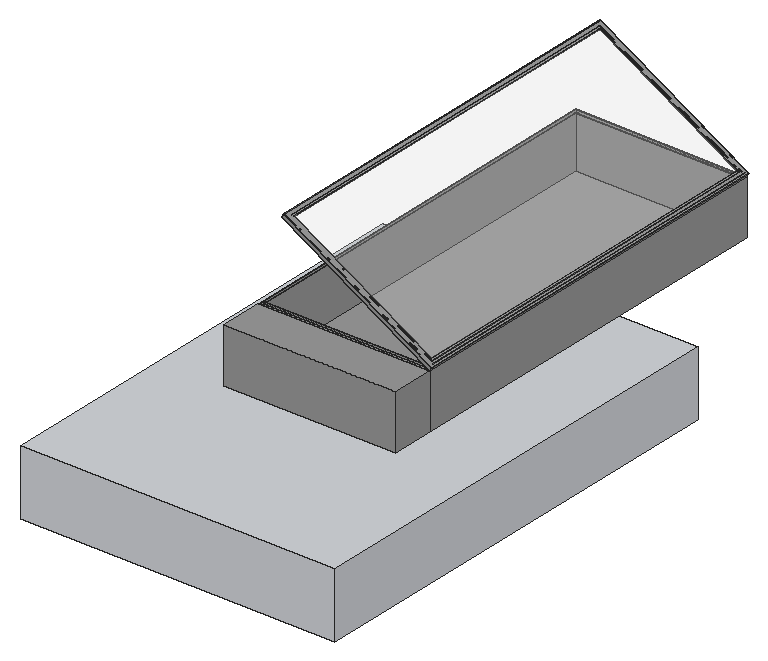
Revit family "Hager-Univers-IP55-D275-H2050-Cl.I-Steel_encl-NoHosted-DE-de", category Equipement électrique, Revit 2020
Family settings
  Hôte = Face
  Configuration du panneau = Deux colonnes, circuits au sein
  Cote de connecteur circulaire = Utiliser le diamètre
  Type d'élément = Tableau de raccordement
  Couper avec des vides une fois chargée = Non
  Partagée = Non
  Point de calcul de pièce = Non
Parameters (values of type "Bodenaufstellung IP55 B800 H2050 T275  - FR23K2")
  Width Control [instance] = if([EF000008 - Breite] > Min Width, [EF000008 - Breite], Min Width)  # 800 mm
  Commentaires du type = [HG000003 - Bereich]  # "Univers"
  Thickness Door [instance] = if([EF009171 - Materialstärke Tür/Deckel] > 3 mm, 3 mm, [EF009171 - Materialstärke Tür/Deckel])  # 1.5 mm
  Seal Frame Offset [instance] = 17 mm  # constant formula
  Plinth Visibility [instance] = [HG000027 - Sockelhöhe] > 0 mm  # yes
  Model = ""
  Min Width [instance] = 100 mm  # constant formula
  Min Height [instance] = 100 mm  # constant formula
  Min Depth [instance] = (2 * [EF009170 - Materialstärke Gehäuse]) + 1 mm  # 4 mm
  Internal Frame Depth [instance] = (Door System Depth * 0.5)  # 9 mm
  Height Control [instance] = if([EF000040 - Höhe] > Min Height, [EF000040 - Höhe], Min Height)  # 2050 mm
  HG000027 - Sockelhöhe = 200 mm
  HG000026 - Stehend auf dem Boden = yes
  HG000024 - Höhe des unteren Teils = 800 mm
  HG000023 - Gehäuse mit doppeltem Querschnitt = no
  HG000016 - 3D-Türsichtbarkeit [instance] = yes
  HG000015 - Sichtbarkeit der Türöffnung [instance] = no
  HG000014 - Tür rechts [instance] = yes
  HG000013 - Tür links [instance] = not([HG000014 - Tür rechts])  # no
  HG000012 - Türschwenkwinkel [instance] = 30.00°
  HG000010 - Asymmetrische Türen = no
  HG000009 - Doppelflügeligen Tür = no
  HG000006 - Unterputz = no
  HG000004 - Herstellerreferenz = "FR23K2"
  HG000003 - Bereich = "Univers"
  HG000002 - Mit tür = yes
  Frame Offset Bottom [instance] = 10 mm  # constant formula
  Frame Offset [instance] = 15 mm  # constant formula
  EF015940 - Deckel mit Überdruckentlastung = no
  EF011959 - Schutzart (NEMA) = ""
  EF009554 - Anzahl der Öffnungen für Flanschplatten = 6
  Fabricant = "Hager"  # constant formula
  EF009212 - Ausführung Deckel = "EV000116 - geschlossen"
  EF009171 - Materialstärke Tür/Deckel = 1.5 mm
  EF009170 - Materialstärke Gehäuse = 1.5 mm
  EF008873 - Nennstrom (In) = 800 A
  EF007800 - Geeignet für Blitzschutz = no
  EF006306 - Mit Schloss = no
  EF006244 - Transparenter Deckel/Tür = yes
  EF005474 - Schutzart (IP) = "EV006420 - IP55"
  EF004464 - Art der Tür = "EV002646 - Einzel"
  EF004427 - Anzahl der Module = 432
  EF004293 - Schlagfestigkeit = "EV008784 - IK10"
  EF003532 - Geeignet für Außengebrauch = no
  EF002950 - Breite in Teilungseinheiten = 24
  EF001613 - Funktionserhalt = "EV000494 - ohne"
  EF001596 - Werkstoff des Gehäuses = "EV000179 - Stahl"
  EF001131 - Innentiefe = 275 mm
  EF001088 - Anbaumöglichkeit = yes
  EF000437 - Anzahl der Leitungseinführungen = 6
  EF000339 - Art der Abdeckung = "EV004216 - Tür"
  EF000266 - Anzahl der Reihen = 12
  EF000218 - Einbautiefe = 0 mm
  EF000118 - Mit Montageplatte = no
  EF000116 - RAL-Nummer = "7035"
  EF000049 - Tiefe = 275 mm
  EF000040 - Höhe = 2050 mm
  EF000008 - Breite = 800 mm
  EF000007 - Farbe = "EV000270 - grau"
  EF000003 - Montageart = "EV012274 - Bodenaufstellung"
  Door System Leaf Tolerance [instance] = 1.5 mm  # constant formula
  Door System Depth [instance] = 18 mm  # constant formula
  Door Height [instance] = Height Control - [HG000027 - Sockelhöhe]  # 1850 mm
  Depth Control [instance] = if([EF000049 - Tiefe] > Min Depth, [EF000049 - Tiefe], Min Depth)  # 275 mm
  Default Elevation = 0 mm
  Connector Offset [instance] = Height Control / 2  # 1025 mm
  Bottom Top Plate Trim [instance] = 1.5 mm  # constant formula
  Plinth height Ctrl [instance] = if([HG000027 - Sockelhöhe] > 0 mm, [HG000027 - Sockelhöhe], 12 mm)  # 200 mm
Types (11, lengths in mm): name | Width Control | HG000010 - Asymmetrische Türen | HG000009 - Doppelflügeligen Tür | HG000004 - Herstellerreferenz | EF009554 - Anzahl der Öffnungen für Flanschplatten | EF006244 - Transparenter Deckel/Tür | EF004464 - Art der Tür | EF004427 - Anzahl der Module | EF000437 - Anzahl der Leitungseinführungen | EF000008 - Breite
  Bodenaufstellung IP55 B1050 H2050 T275  - FR24E2 | 1050 | yes | yes | "FR24E2" | 8 | no | "EV003602 - Doppel" | 576 | 8 | 1050
  Bodenaufstellung IP55 B1050 H2050 T275  - FR24K2 | 1050 | yes | yes | "FR24K2" | 8 | yes | "EV003602 - Doppel" | 576 | 8 | 1050
  Bodenaufstellung IP55 B1300 H2050 T275  - FR25E2 | 1300 | yes | yes | "FR25E2" | 10 | no | "EV003602 - Doppel" | 720 | 10 | 1300
  Bodenaufstellung IP55 B1300 H2050 T275  - FR25K2 | 1300 | yes | yes | "FR25K2" | 10 | yes | "EV003602 - Doppel" | 720 | 10 | 1300
  Bodenaufstellung IP55 B1550 H2050 T275  - FR26E2 | 1550 | yes | yes | "FR26E2" | 12 | no | "EV003602 - Doppel" | 864 | 12 | 1550
  Bodenaufstellung IP55 B1550 H2050 T275  - FR26K2 | 1550 | yes | yes | "FR26K2" | 12 | yes | "EV003602 - Doppel" | 864 | 12 | 1550
  Bodenaufstellung IP55 B300 H2050 T275  - FR21E2 | 300 | no | no | "FR21E2" | 2 | no | "EV002646 - Einzel" | 144 | 2 | 300
  Bodenaufstellung IP55 B550 H2050 T275  - FR22E2 | 550 | no | no | "FR22E2" | 4 | no | "EV002646 - Einzel" | 288 | 4 | 550
  Bodenaufstellung IP55 B550 H2050 T275  - FR22K2 | 550 | no | no | "FR22K2" | 4 | yes | "EV002646 - Einzel" | 288 | 4 | 550
  Bodenaufstellung IP55 B800 H2050 T275  - FR23E2 | 800 | no | no | "FR23E2" | 6 | no | "EV002646 - Einzel" | 432 | 6 | 800
  Bodenaufstellung IP55 B800 H2050 T275  - FR23K2 | 800 | no | no | "FR23K2" | 6 | yes | "EV002646 - Einzel" | 432 | 6 | 800
Reference planes
  plane 1 "Center (Front/Back)": y = 0
  plane 2: z = 0
  plane 3 "Center (Left/Right)": x = 0
  plane 4: z = 275
  plane 5: y = 201.5
  plane 6: y = 1125
  plane 7: y = 200
  plane 8: y = 2050
  plane 9: z = 0
  plane 10: x = -385
  plane 11: x = 385
  plane 12: x = 383.5
  plane 13: x = -383.5
  plane 14: y = 2048.5
  plane 15: x = -383
  plane 16: x = -400
  plane 17: x = 383
  plane 18: x = 400
  plane 19: x = 398.5
  plane 20: x = -398.5
  plane 21: y = 211.5
  plane 22: y = 2050
  plane 23: y = 2033.5
  plane 24: z = 257
  plane 25: z = 1.5
  plane 26: z = 255.5
  plane 27: z = 273.5
Forms (mm)
  Extrusion 1, solid
    sketch origin (0, 0, 0) x (1, 0, 0) y (0, 1, 0)
      loop
        line (-702.964, 1305) -> (-702.964, -811.445) -> (766.763, -811.445) -> (766.763, 1305) -> (-702.964, 1305)
    from 0 to -304.8
  Extrusion 2, solid, material "Hager_Steel_RAL7035_Light_Grey", visible <- "Plinth Visibility", detail levels medium+fine
    sketch origin (0, 0, 0) x (1, 0, 0) y (0, 1, 0)
      loop
        line (-400, 0) -> (400, 0) -> (400, 200) -> (-400, 200) -> (-400, 0)
    from 0 to 257
  Extrusion 3, solid, material "Hager_Steel_RAL7035_Light_Grey", detail levels medium+fine
    sketch origin (0, 0, 0) x (1, 0, 0) y (0, 1, 0)
      loop
        line (-400, 200) -> (400, 200) -> (400, 2050) -> (-400, 2050) -> (-400, 200)
    from 0 to 257
  Extrusion 4, void
    sketch origin (0, 0, 0) x (1, 0, 0) y (0, 1, 0)
      loop
        line (-398.5, 201.5) -> (398.5, 201.5) -> (398.5, 2048.5) -> (-398.5, 2048.5) -> (-398.5, 201.5)
    from 1.5 to 255.5
  Extrusion 5, void
    sketch origin (-381.607, -4572, 257) x (0, -1, 0) y (-1, 0, 0)
      loop
        line (-4783.5, 1.893) -> (-6605.5, 1.893) -> (-6605.5, -765.107) -> (-4783.5, -765.107) -> (-4783.5, 1.893)
    from 0 to 1.5 <- "EF009170 - Materialstärke Gehäuse"
  Extrusion 6, solid, material "Hager_Steel_RAL7035_Light_Grey", detail levels fine
    sketch origin (0, 0, 257) x (1, 0, 0) y (0, 1, 0)
      loop
        line (-383.5, 2033.5) -> (-383.5, 211.5) -> (383.5, 211.5) -> (383.5, 2033.5) -> (-383.5, 2033.5)
      loop
        line (-385, 210) -> (385, 210) -> (385, 2035) -> (-385, 2035) -> (-385, 210)
    from 0 to 9 <- "Internal Frame Depth"
  Extrusion 7, solid, material "Hager_Steel_RAL7035_Light_Grey", detail levels coarse
    sketch origin (0, 0, 0) x (1, 0, 0) y (0, 1, 0)
      loop
        line (-400, 0) -> (400, 0) -> (400, 2050) -> (-400, 2050) -> (-400, 0)
    from 0 to 275
  Sweep 8, void
    path in 3D
      loop
        line (-400, 200, 0) -> (400, 200, 0) -> (400, 200, 257) -> (-400, 200, 257) -> (-400, 200, 0)
    profile origin (-400, 200, 128.5) x (-1, 0, 0) y (0, -1, 0)
      loop
        line (0, 0) -> (0, 1.5) -> (-1.5, 1.5)
        arc (-1.5, 1.5) -> (-1.061, 0.439) -> (0, 0) r 1.5
Cuts and joins
  Extrusion 4, Extrusion 5 cuts Extrusion 3
  Sweep 8 cuts Extrusion 2
Lines and regions (mm)
  Masking region 1
    outline origin (0, 0, 0) x (1, 0, 0) y (0, 0, 1)
      loop
        line (-400, 275) -> (-400, 0) -> (400, 0) -> (400, 275) -> (-400, 275)
  Masking region 2, detail levels medium+fine
    outline origin (0, 140, 0) x (0, 1, 0) y (0, 0, 1)
      loop
        line (60, 0) -> (1910, 0) -> (1910, 257) -> (60, 257) -> (60, 0)
  Masking region 3, not visible, detail levels medium+fine
    outline origin (0, 297.922, 0) x (0, 1, 0) y (0, 0, 1)
      loop
        line (838.578, 0) -> (878.578, 0) -> (878.578, 263.5)
        arc (878.578, 263.5) -> (875.649, 270.571) -> (868.578, 273.5) r 10
        line (868.578, 273.5) -> (838.578, 273.5) -> (838.578, 0)
  Masking region 4, detail levels coarse
    outline origin (0, 0, 180) x (0, 1, 0) y (0, 0, 1)
      loop
        line (0, -180) -> (2050, -180) -> (2050, 95) -> (0, 95) -> (0, -180)
  Masking region 5, visible <- "Plinth Visibility", detail levels medium+fine
    outline origin (0, 52.24, 12.345) x (0, 0, -1) y (0, 1, 0)
      loop
        line (10.845, 147.76) -> (-243.155, 147.76)
        arc (-243.155, 147.76) -> (-243.594, 146.699) -> (-244.655, 146.26) r 1.5
        line (-244.655, 146.26) -> (-244.655, -52.24) -> (12.345, -52.24) -> (12.345, 146.26)
        arc (12.345, 146.26) -> (11.285, 146.699) -> (10.845, 147.76) r 1.5
  Masking region 6, detail levels medium+fine
    outline origin (-381.607, -4572, 257) x (-1, 0, 0) y (0, -1, 0)
      loop
        line (18.393, -6622) -> (18.393, -4772) -> (-781.607, -4772) -> (-781.607, -6622) -> (18.393, -6622)
  Masking region 7, visible <- "Plinth Visibility", detail levels medium+fine
    outline origin (-381.607, -4727, 257) x (-1, 0, 0) y (0, -1, 0)
      loop
        arc (16.893, -4927) -> (17.332, -4925.939) -> (18.393, -4925.5) r 1.5
        line (18.393, -4925.5) -> (18.393, -4727) -> (-781.607, -4727) -> (-781.607, -4925.5)
        arc (-781.607, -4925.5) -> (-780.546, -4925.939) -> (-780.107, -4927) r 1.5
        line (-780.107, -4927) -> (16.893, -4927)
  Masking region 8, detail levels coarse
    outline origin (-442.548, -4669.526, 257) x (-1, 0, 0) y (0, -1, 0)
      loop
        line (-42.548, -6719.526) -> (-42.548, -4669.526) -> (-842.548, -4669.526) -> (-842.548, -6719.526) -> (-42.548, -6719.526)
  sketch lines
    curve 1: line (-400, 200, 257) -> (-400, 200, 0)
    curve 2: line (400, 200, 257) -> (-400, 200, 257)
    curve 3: line (400, 200, 257) -> (400, 200, 0)
    curve 4: line (-400, 200, 0) -> (400, 200, 0)
Dimensions and locks
  "Depth Control": plane 4 to Extrusion 1
  "HG000027 - Sockelhöhe": plane 1 "Center (Front/Back)" to plane 7
  "EF009170 - Materialstärke Gehäuse": plane 5 to plane 7
  locked: connector elem to plane 3 "Center (Left/Right)"
  equal spacing: plane 8, plane 6, plane 7
  locked: connector elem to plane 6
  "EF009170 - Materialstärke Gehäuse": plane 8 to plane 14
  "EF009170 - Materialstärke Gehäuse": plane 10 to plane 13
  "EF009170 - Materialstärke Gehäuse": plane 12 to plane 11
  "Frame Offset": plane 20 to plane 13
  "Frame Offset": plane 12 to plane 19
  "EF009170 - Materialstärke Gehäuse": plane 16 to plane 20
  "EF009170 - Materialstärke Gehäuse": plane 19 to plane 18
  "Seal Frame Offset": plane 16 to plane 15
  "Seal Frame Offset": plane 17 to plane 18
  "Frame Offset Bottom": plane 21 to plane 5
  "Frame Offset": plane 14 to plane 23
  equal spacing: plane 16, plane 3 "Center (Left/Right)", plane 18
  "Width Control": plane 16 to plane 18
  "EF009170 - Materialstärke Gehäuse": plane 4 to plane 27
  "EF009170 - Materialstärke Gehäuse": plane 24 to plane 26
  "EF009170 - Materialstärke Gehäuse": plane 25 to level
  "Door System Depth": plane 4 to plane 24
  "Height Control": plane 1 "Center (Front/Back)" to Extrusion 7 sketch curve
  "Height Control": Masking region 4 sketch curve to plane 1 "Center (Front/Back)"
  "Height Control": plane 1 "Center (Front/Back)" to plane 22
  "Bottom Top Plate Trim": profile plane to Sweep 8 sketch curve
  "Bottom Top Plate Trim": Sweep 8 sketch curve to profile plane
  "Plinth height Ctrl": plane 1 "Center (Front/Back)" to Extrusion 2 sketch curve
  "Plinth height Ctrl": Masking region 5 sketch curve to plane 1 "Center (Front/Back)"
  "Plinth height Ctrl": plane 1 "Center (Front/Back)" to Masking region 7 sketch curve
  "Thickness Door": Extrusion 6 sketch curve to Extrusion 6 sketch curve  (x3)
  "Thickness Door": cut or joined group of Extrusion 3, Extrusion 4, Extrusion 5 to Extrusion 6 sketch curve
  radius of Masking region 3 sketch curve = 10 mm
  "Bottom Top Plate Trim": radius of Masking region 5 sketch curve  (x2)
  "Bottom Top Plate Trim": radius of Sweep 8 sketch curve
  "Bottom Top Plate Trim": radius of Masking region 7 sketch curve  (x2)
  aligned and locked: plane 2 to Extrusion 1
  aligned and locked: level to Extrusion 1
  aligned and locked: level to Masking region 1 sketch curve
  aligned and locked: Masking region 1 sketch curve to plane 18
  aligned and locked: Masking region 1 sketch curve to plane 16
  aligned and locked: plane 7 to Masking region 2 sketch curve
  aligned and locked: level to Masking region 3 sketch curve
  aligned and locked: Masking region 3 sketch curve to plane 27
  aligned and locked: level to Masking region 2 sketch curve
  aligned and locked: plane 1 "Center (Front/Back)" to Extrusion 2 sketch curve
  aligned and locked: Extrusion 3 sketch curve to plane 7
  aligned and locked: plane 16 to Extrusion 3 sketch curve
  aligned and locked: plane 18 to Extrusion 3 sketch curve
  aligned and locked: plane 20 to Extrusion 4 sketch curve
  aligned and locked: plane 19 to Extrusion 4 sketch curve
  aligned and locked: Extrusion 4 sketch curve to plane 5
  aligned and locked: Extrusion 4 to plane 25
  aligned and locked: plane 26 to Extrusion 4
  aligned and locked: plane 24 to Extrusion 3
  aligned and locked: Extrusion 5 sketch curve to plane 21
  aligned and locked: Extrusion 5 sketch curve to plane 13
  aligned and locked: Extrusion 5 sketch curve to plane 12
  aligned and locked: plane 18 to Extrusion 7 sketch curve
  aligned and locked: plane 1 "Center (Front/Back)" to Extrusion 7 sketch curve
  aligned and locked: plane 16 to Extrusion 7 sketch curve
  aligned and locked: plane 4 to Extrusion 7
  aligned and locked: Extrusion 7 to level
  aligned and locked: level to Masking region 4 sketch curve
  aligned and locked: Masking region 4 sketch curve to plane 1 "Center (Front/Back)"
  aligned and locked: Masking region 4 sketch curve to plane 4
  aligned and locked: nested 1 to level
  aligned and locked: nested 1 to plane 16
  aligned and locked: plane 8 to Extrusion 3 sketch curve
  aligned and locked: plane 23 to Extrusion 5 sketch curve
  aligned and locked: plane 14 to Extrusion 4 sketch curve
  aligned and locked: Masking region 2 sketch curve to plane 8
  aligned and locked: level to Masking region 5 sketch curve
  aligned and locked: plane 16 to Extrusion 2 sketch curve
  aligned and locked: plane 18 to Extrusion 2 sketch curve
  aligned and locked: Masking region 5 sketch curve to plane 24
  aligned and locked: Masking region 2 sketch curve to plane 24
  aligned and locked: plane 24 to Extrusion 2
  aligned and locked: profile plane to Sweep 8 sketch curve  (x2)
  aligned and locked: Masking region 6 sketch curve to plane 18
  aligned and locked: Masking region 6 sketch curve to plane 22
  aligned and locked: Masking region 6 sketch curve to plane 16
  aligned and locked: plane 8 to plane 22
  aligned and locked: Masking region 6 sketch curve to plane 7
  aligned and locked: Masking region 7 sketch curve to plane 16
  aligned and locked: Masking region 7 sketch curve to plane 1 "Center (Front/Back)"
  aligned and locked: Masking region 7 sketch curve to plane 18
  aligned and locked: Masking region 8 sketch curve to plane 1 "Center (Front/Back)"
  aligned and locked: Masking region 8 sketch curve to plane 18
  aligned and locked: Masking region 8 sketch curve to plane 22
  aligned and locked: Masking region 8 sketch curve to plane 16
  aligned and locked: nested 2 to plane 7
  aligned and locked: plane 3 "Center (Left/Right)" to nested 2
  aligned and locked: nested 2 to plane 24
  aligned and locked: Extrusion 6 sketch curve to cut or joined group of Extrusion 3, Extrusion 4, Extrusion 5  (x4)
Automatic sketch dimensions
  Extrusion 1 sketch curve to Extrusion 1 sketch curve = 1469.727 mm
  Extrusion 1 sketch curve to Extrusion 1 sketch curve = 2116.445 mm
  Masking region 1 sketch curve to plane 4 = 0 mm
  plane 6 to Masking region 3 sketch curve = 11.5 mm
  Masking region 3 sketch curve to Masking region 3 sketch curve = 30 mm
  Masking region 5 sketch curve to plane 1 "Center (Front/Back)" = 0 mm
Nested families
  nested 1: "Hager_Enclosure_Symbol" at (-400, 0, 0) x (1, 0, 0) z (0, -1, 0), Height <- "Depth Control", Width <- "Width Control", type "Hager_Enclosure_Symbol"
    with Width_Ctrl 800 mm, Width 800 mm, Height_Ctrl 275 mm, Height 275 mm, A_Width_Int 18.047 mm, A_Width 216.562 mm, A_Height_Ctrl 240.625 mm, A_Height 240.625 mm
  nested 2: "EC000058_Univers_Door" at (0, 200, 257) x (1, 0, 0) z (0, 1, 0), Leaf_Tolerance <- "Door System Leaf Tolerance", Angle <- "HG000012 - Türschwenkwinkel", Door_Depth <- "Door System Depth", Door_Left <- "HG000013 - Tür links", Transparent <- "EF006244 - Transparenter Deckel/Tür", Assymetrical <- "HG000010 - Asymmetrische Türen", Width <- "Width Control", Clearance <- "HG000015 - Sichtbarkeit der Türöffnung", Double <- "HG000009 - Doppelflügeligen Tür", 3d_Door <- "HG000016 - 3D-Türsichtbarkeit", Lock_Visibility <- "EF006306 - Mit Schloss", Width_Ctrl <- "Width Control", Door_Right <- "HG000014 - Tür rechts", Door <- "HG000002 - Mit tür", Height <- "Door Height", Thickness <- "Thickness Door", type "EC000058_Univers_Door", detail levels medium+fine
    with min_wh 4 mm, Width_Ctrl 800 mm, Width 800 mm, Transparent yes, Thickness 1.5 mm, Seal_Material Hager_Rubber, Lock_Visibility no, Lock_Material Hager_Plastic_RAL9005_Jet_Black, Leaf_Width 800 mm, Leaf_Tolerance_External_Sides 0 mm, Leaf_Tolerance 1.5 mm, Leaf_Offset 0 mm, Leaf_Height 1847 mm, Leaf_2_Width 800 mm, Leaf_2_Offset 400 mm, Leaf_1_Width 800 mm, Leaf_1_Offset 400 mm, Height_Ctrl 1850 mm, Height 1850 mm, Glass_Material Hager_Glass, Double_Clearance_Ctrl no, Double no, Door_Right_Ctrl yes, Door_Right yes, Door_Material Hager_Steel_RAL7035_Light_Grey, Door_Left_Ctrl no, Door_Left no, Door_Depth 18 mm, Door yes, Clearance_Material Hager_Clearance, Clearance_Depth 800 mm, Clearance_Ctrl no, Clearance no, Assymetrical no, Angle 30.00°, 3d_Door yes
Connectors
  electrical at (0, 1125, 0)
    settings: on plane 9, index 1, voltage 0 V, apparent load 0 VA, apparent load phase1 0 VA, apparent load phase2 0 VA, apparent load phase3 0 VA, power factor 1, load classification "Other", number of poles 1, system type 30, power factor state 1, is connector primary yes, connector utility no, sub classification motor no, connector description ""
Definition of nested family "EC000058_Univers_Door"
  Parameters (values of type "EC000058_Univers_Door")
    min_wh [instance] = (2 * Thickness) + 1 mm  # 11 mm
    Width_Ctrl [instance] = 400 mm
    Width [instance] = 500 mm
    Transparent [instance] = yes
    Thickness [instance] = 5 mm
    Seal_Material [instance] = none
    Lock_Visibility [instance] = yes
    Lock_Material [instance] = none
    Leaf_Width [instance] = if((Width_Ctrl - 2 * Leaf_Tolerance_External_Sides) > 0 mm, (Width_Ctrl - 2 * Leaf_Tolerance_External_Sides), min_wh)  # 400 mm
    Leaf_Tolerance_External_Sides [instance] = 0 mm  # constant formula
    Leaf_Tolerance [instance] = 1.5 mm
    Leaf_Offset [instance] = 0 mm  # constant formula
    Leaf_Height [instance] = if((Height_Ctrl - 2 * Leaf_Tolerance) > 0 mm, (Height_Ctrl - 2 * Leaf_Tolerance), min_wh)  # 497 mm
    Leaf_2_Width [instance] = if(and(and(Double, Assymetrical), Door_Left), (Leaf_Width / 3) - (Leaf_Tolerance / 2), if(and(and(Double, Assymetrical), Door_Right), (Leaf_Width / 3) * 2 - (Leaf_Tolerance / 2), if(and(Double, not(Assymetrical)), (Leaf_Width / 2) - Leaf_Tolerance, Leaf_Width)))  # 400 mm
    Leaf_2_Offset [instance] = if(and(Double, Assymetrical), Leaf_2_Width / 2, if(and(Double, not(Assymetrical)), Leaf_Width / 4, Leaf_Width / 2))  # 200 mm
    Leaf_1_Width [instance] = if(and(and(Double, Assymetrical), Door_Right), (Leaf_Width / 3) - (Leaf_Tolerance / 2), if(and(and(Double, Assymetrical), Door_Left), (Width / 3) * 2 - (Leaf_Tolerance / 2), if(and(Double, not(Assymetrical)), (Leaf_Width / 2) - Leaf_Tolerance, Leaf_Width)))  # 400 mm
    Leaf_1_Offset [instance] = if(and(Double, Assymetrical), Leaf_1_Width / 2, if(and(Double, not(Assymetrical)), Leaf_Width / 4, Leaf_Width / 2))  # 200 mm
    Height_Ctrl [instance] = if(Height > min_wh, Height, min_wh)  # 500 mm
    Height [instance] = 500 mm
    Glass_Material [instance] = none
    Double_Clearance_Ctrl [instance] = and(Double, Clearance)  # no
    Double [instance] = no
    Door_Right_Ctrl [instance] = and(or(Door_Right, Double), Door)  # yes
    Door_Right [instance] = yes
    Door_Material [instance] = none
    Door_Left_Ctrl [instance] = and(or(Door_Left, Double), Door)  # no
    Door_Left [instance] = no
    Door_Depth [instance] = 30 mm
    Door [instance] = yes
    Default Elevation = 1219.2 mm
    Clearance_Material [instance] = none
    Clearance_Depth [instance] = if(Leaf_1_Width > Leaf_2_Width, Leaf_1_Width, Leaf_2_Width)  # 400 mm
    Clearance_Ctrl [instance] = and(not(Double), Clearance)  # yes
    Clearance [instance] = yes
    Assymetrical [instance] = yes
    Angle [instance] = 30.00°
    3d_Door [instance] = yes
  Reference planes
    plane 1 "Center (Front/Back)": y = 0
    plane 2 "Bottom": z = 0
    plane 3 "Center (Left/Right)": x = 0
    plane 4: z = 500
    plane 5: x = -200
    plane 6: x = 200
    plane 7: z = 500
    plane 8: x = -200
    plane 9: z = 0
    plane 10: x = 200
    plane 11: y = 0
    plane 12: z = 1.5
    plane 13: x = -600
    plane 14: y = -400
    plane 15: x = 600
    plane 16: x = 0
    plane 17: x = 0
    plane 18: x = -200
    plane 19: x = 200
    plane 20: z = 498.5
  Forms (mm)
    Extrusion 1, solid, material <- "Clearance_Material", visible <- "Double_Clearance_Ctrl"
      sketch origin (1200, 0, 0) x (1, 0, 0) y (0, 0, -1)
        loop
          line (-1800, -498.5) -> (-600, -498.5) -> (-600, 0) -> (-1800, 0) -> (-1800, -498.5)
      from 0 to -400
  Dimensions and locks
    equal spacing: plane 5, plane 3 "Center (Left/Right)", plane 6
    "Width_Ctrl": plane 5 to plane 6
    "Leaf_Offset": plane 5 to plane 8
    "Leaf_Offset": plane 6 to plane 10
    "Leaf_Offset": plane 9 to level
    "Leaf_Offset": plane 4 to plane 7
    "Height_Ctrl": plane 4 to level
    "Leaf_Tolerance": plane 12 to plane 9
    locked: plane 11 to plane 1 "Center (Front/Back)"
    "Leaf_1_Offset": plane 18 to plane 16
    "Leaf_2_Offset": plane 17 to plane 19
    "Leaf_1_Width": plane 13 to plane 8
    "Leaf_2_Width": plane 10 to plane 15
    "Clearance_Depth": plane 14 to plane 1 "Center (Front/Back)"
    "Leaf_Tolerance_External_Sides": plane 8 to plane 18
    "Leaf_Tolerance_External_Sides": plane 19 to plane 10
    "Leaf_Tolerance": plane 7 to plane 20
    aligned and locked: level to plane 2 "Bottom"
    aligned and locked: nested 1 to plane 16
    aligned and locked: nested 2 to plane 17
    aligned and locked: Extrusion 1 to plane 13
    aligned and locked: plane 15 to Extrusion 1
    aligned and locked: Extrusion 1 to plane 14
    aligned and locked: plane 12 to nested 1
    aligned and locked: nested 2 to plane 12
    aligned and locked: Extrusion 1 to plane 11
    aligned and locked: plane 20 to Extrusion 1
    aligned and locked: nested 2 to plane 11
    aligned and locked: nested 1 to plane 11
  Automatic sketch dimensions
    Extrusion 1 sketch curve to level = 0 mm
    plane 5 to Extrusion 1 sketch curve = 400 mm
    plane 6 to Extrusion 1 sketch curve = 400 mm
    Extrusion 1 sketch curve to plane 4 = 1.5 mm
  Nested families
    nested 1: "EC000058_Univers_Door_Leaf" at (0, 0, 1.5), Width <- "Leaf_1_Width", visible <- "Door_Left_Ctrl", Leaf_Height <- "Leaf_Height", Angle <- "Angle", 3d_Door <- "3d_Door", Transparent <- "Transparent", Clearance Material <- "Clearance_Material", Clearance <- "Clearance_Ctrl", Door_Material <- "Door_Material", Glass_Material <- "Glass_Material", Door_Depth <- "Door_Depth", Lock_Material <- "Lock_Material", Seal_Material <- "Seal_Material", Lock_Visibility <- "Lock_Visibility", Thickness <- "Thickness", type "EC000058_Univers_Door_Leaf"
      with Width 400 mm, Transparent_Glass_Offset 30 mm, Transparent_Ctrl yes, Transparent yes, Thickness 5 mm, Standard no, Seal_Material none, Seal_D2 8 mm, Seal_D1 1 mm, Offset_Internal_Frame 10 mm, Lock_Width 20 mm, Lock_Visibility_3d yes, Lock_Visibility yes, Lock_Thickness_3 3 mm, Lock_Thickness_2 1 mm, Lock_Thickness_1 3 mm, Lock_Radius_Offset_2 16 mm, Lock_Radius_Offset_1 15 mm, Lock_Radius_2 5 mm, Lock_Radius 6 mm, Lock_Offset 5 mm, Lock_Material none, Lock_Height 80 mm, Lock_Cover_Top_Offset_2d 17 mm, Lock_Cover_Height -65 mm, Leaf_Height 497 mm, Internal_Seal_Thickness 8 mm, Internal_Seal_Depth_2 4.5 mm, Internal_Frame_Depth 25 mm, Glass_Thickness -1 mm, Glass_Offset -2 mm, Glass_Material none, Door_Material none, Door_Depth 30 mm, Clearance Material none, Clearance yes, Angle_Ctrl 30.00°, Angle 30.00°, 3d_Door yes
    nested 2: "EC000058_Univers_Door_Leaf" at (0, 0, 1.5) x (-1, 0, 0) z (0, 0, 1), Width <- "Leaf_2_Width", visible <- "Door_Right_Ctrl", Leaf_Height <- "Leaf_Height", Angle <- "Angle", 3d_Door <- "3d_Door", Transparent <- "Transparent", Clearance Material <- "Clearance_Material", Clearance <- "Clearance_Ctrl", Door_Material <- "Door_Material", Glass_Material <- "Glass_Material", Door_Depth <- "Door_Depth", Lock_Material <- "Lock_Material", Seal_Material <- "Seal_Material", Lock_Visibility <- "Lock_Visibility", Thickness <- "Thickness", type "EC000058_Univers_Door_Leaf"
      with Width 400 mm, Transparent_Glass_Offset 30 mm, Transparent_Ctrl yes, Transparent yes, Thickness 5 mm, Standard no, Seal_Material none, Seal_D2 8 mm, Seal_D1 1 mm, Offset_Internal_Frame 10 mm, Lock_Width 20 mm, Lock_Visibility_3d yes, Lock_Visibility yes, Lock_Thickness_3 3 mm, Lock_Thickness_2 1 mm, Lock_Thickness_1 3 mm, Lock_Radius_Offset_2 16 mm, Lock_Radius_Offset_1 15 mm, Lock_Radius_2 5 mm, Lock_Radius 6 mm, Lock_Offset 5 mm, Lock_Material none, Lock_Height 80 mm, Lock_Cover_Top_Offset_2d 17 mm, Lock_Cover_Height -65 mm, Leaf_Height 497 mm, Internal_Seal_Thickness 8 mm, Internal_Seal_Depth_2 4.5 mm, Internal_Frame_Depth 25 mm, Glass_Thickness -1 mm, Glass_Offset -2 mm, Glass_Material none, Door_Material none, Door_Depth 30 mm, Clearance Material none, Clearance yes, Angle_Ctrl 30.00°, Angle 30.00°, 3d_Door yes
  Definition of nested family "EC000058_Univers_Door_Leaf"
    Parameters (values of type "EC000058_Univers_Door_Leaf")
      Width [instance] = 2000 mm
      Transparent_Glass_Offset [instance] = 30 mm
      Transparent_Ctrl [instance] = and(Transparent, [3d_Door])  # yes
      Transparent [instance] = yes
      Thickness [instance] = 5 mm
      Standard [instance] = and(not(Transparent), [3d_Door])  # no
      Seal_Material [instance] = none
      Seal_D2 [instance] = 8 mm  # constant formula
      Seal_D1 [instance] = 1 mm  # constant formula
      Offset_Internal_Frame [instance] = 10 mm  # constant formula
      Lock_Width [instance] = 20 mm  # constant formula
      Lock_Visibility_3d [instance] = and(Lock_Visibility, [3d_Door])  # yes
      Lock_Visibility [instance] = yes
      Lock_Thickness_3 [instance] = 3 mm  # constant formula
      Lock_Thickness_2 [instance] = 1 mm  # constant formula
      Lock_Thickness_1 [instance] = 3 mm  # constant formula
      Lock_Radius_Offset_2 [instance] = Lock_Radius_Offset_1 + 1 mm  # 16 mm
      Lock_Radius_Offset_1 [instance] = 15 mm  # constant formula
      Lock_Radius_2 [instance] = Lock_Radius - 1 mm  # 5 mm
      Lock_Radius [instance] = 6 mm  # constant formula
      Lock_Offset [instance] = 5 mm  # constant formula
      Lock_Material [instance] = none
      Lock_Height [instance] = 80 mm  # constant formula
      Lock_Cover_Top_Offset_2d [instance] = Lock_Radius_Offset_2 + 1 mm  # 17 mm
      Lock_Cover_Height [instance] = -(Lock_Height - Lock_Radius_Offset_1)  # -65 mm
      Leaf_Height [instance] = 2720.336 mm
      Internal_Seal_Thickness [instance] = 8 mm  # constant formula
      Internal_Seal_Depth_2 [instance] = 4.5 mm  # constant formula
      Internal_Frame_Depth [instance] = if(Door_Depth - Thickness > 5 mm, Door_Depth - Thickness, 5 mm)  # 25 mm
      Glass_Thickness [instance] = if(Thickness > 15 mm, Glass_Offset + 10 mm, -1 mm)  # -1 mm
      Glass_Offset [instance] = if(Thickness > 15 mm, -(Thickness + 10 mm) / 2, -2 mm)  # -2 mm
      Glass_Material [instance] = none
      Door_Material [instance] = none
      Door_Depth [instance] = 30 mm
      Default Elevation = 0 mm
      Clearance Material [instance] = none
      Clearance [instance] = yes
      Angle_Ctrl [instance] = if(Angle > 180.00°, 180.00°, Angle)  # 90.00°
      Angle [instance] = 90.00°
      3d_Door [instance] = yes
    Reference planes
      plane 1 "Center (Front/Back)": y = 0
      plane 2: z = 0
      plane 3 "Center (Left/Right)": x = 0
      plane 4: y = 2000
      plane 5: x = -1000
      plane 6: x = 1000
      plane 7: x = -3000
      plane 8: z = 2720.336
      plane 9: z = 30
      plane 10: z = 2690.336
      plane 11: x = 970
      plane 12: x = -970
      plane 13: y = -3
      plane 14: z = 107.833
      plane 15: y = -5
      plane 16: y = -223.314
      plane 17: x = -1000
      plane 18: z = 1360.168
      plane 19: y = 30
    Forms (mm)
      Extrusion 1, solid, material <- "Clearance Material", visible <- "Clearance"
        sketch origin (0, 0, 0) x (1, 0, 0) y (0, 0, 1)
          loop
            line (-3000, 2720.336) -> (-3000, 0) -> (1000, 0) -> (1000, 2720.336) -> (-3000, 2720.336)
        from 0 to -2000
      Extrusion 2, solid, material <- "Door_Material", visible <- "Standard", detail levels medium+fine
        sketch origin (-1000, 0, 0) x (0, 1, 0) y (-1, 0, 0)
          loop
            line (0, 30) -> (0, 25) -> (2000, 25) -> (2000, 30) -> (0, 30)
        from 0 to 2720.336 <- "Leaf_Height"
      Extrusion 3, solid, material <- "Door_Material", visible <- "Transparent_Ctrl", detail levels medium+fine
        sketch origin (-1000, 0, 0) x (0, 1, 0) y (-1, 0, 0)
          loop
            line (0, 25) -> (2000, 25) -> (2000, 30) -> (0, 30) -> (0, 25)
        from 0 to 2720.336 <- "Leaf_Height"
      Extrusion 4, void
        sketch origin (-1025, 2000, 0) x (0, 1, 0) y (0, 0, -1)
          loop
            line (-30, -2690.336) -> (-30, -30) -> (-1970, -30) -> (-1970, -2690.336) -> (-30, -2690.336)
        from 0 to 5 <- "Thickness"
      Sweep 5, solid, material <- "Seal_Material", visible <- "Transparent_Ctrl", detail levels fine
        path in 3D
          loop
            line (-1025, 30, 30) -> (-1025, 30, 2690.336) -> (-1025, 1970, 2690.336) -> (-1025, 1970, 30) -> (-1025, 30, 30)
        profile origin (-1025, 1000, 30) x (1, 0, 0) y (0, 0, 1)
          loop
            line (0, 0) -> (0, -8) -> (1, -8) -> (1, 0) -> (0, 0)
      Extrusion 6, solid, material <- "Glass_Material", visible <- "Transparent_Ctrl", detail levels medium+fine
        sketch origin (-1030, 0, 0) x (0, 1, 0) y (0, 0, -1)
          loop
            line (1970, -2690.336) -> (1970, -30) -> (30, -30) -> (30, -2690.336) -> (1970, -2690.336)
        from -2 <- "Glass_Offset" to -1 <- "Glass_Thickness"
      Extrusion 7, solid, material <- "Door_Material", visible <- "3d_Door", detail levels medium+fine
        sketch origin (-1025, 2000, 0) x (0, -1, 0) y (0, 0, -1)
          loop
            line (0, -2720.336) -> (2000, -2720.336) -> (2000, 0) -> (0, 0) -> (0, -2720.336)
          loop
            line (1995, -5) -> (5, -5) -> (5, -2715.336) -> (1995, -2715.336) -> (1995, -5)
        from 0 to 25 <- "Internal_Frame_Depth"
      Sweep 8, solid, material <- "Seal_Material", visible <- "Transparent_Ctrl", detail levels fine
        path in 3D
          loop
            line (-1025, 0, 0) -> (-1025, 2000, 0) -> (-1025, 2000, 2720.336) -> (-1025, 0, 2720.336) -> (-1025, 0, 0)
        profile origin (-1025, 0, 1360.168) x (1, 0, 0) y (0, 1, 0)
          loop
            line (0, 10) -> (2.975, 10)
            arc (2.975, 10) -> (4.053, 10.447) -> (4.5, 11.525) r 1.525
            line (4.5, 11.525) -> (4.5, 16.527)
            arc (4.5, 16.527) -> (4.069, 17.569) -> (3.027, 18) r 1.473
            line (3.027, 18) -> (0, 18) -> (0, 10)
      Extrusion 9, solid, material <- "Lock_Material", visible <- "Lock_Visibility_3d", detail levels fine
        sketch origin (-1030, 0, 0) x (0, 1, 0) y (0, 0, -1)
          loop
            arc (1993.5, -1400.168) -> (1994.561, -1399.729) -> (1995, -1398.668) r 1.5
            line (1995, -1398.668) -> (1995, -1320.168) -> (1975, -1320.168) -> (1975, -1398.668)
            arc (1975, -1398.668) -> (1975.439, -1399.729) -> (1976.5, -1400.168) r 1.5
            line (1976.5, -1400.168) -> (1993.5, -1400.168)
        from 3 <- "Lock_Thickness_1" to 0
      Blend 10, solid, material <- "Lock_Material", visible <- "Lock_Visibility_3d", detail levels fine
        base sketch origin (-1033, 0, 0) x (0, 1, 0) y (0, 0, -1)
          loop
            line (1975, -1320.168) -> (1975, -1398.668)
            arc (1975, -1398.668) -> (1975.439, -1399.729) -> (1976.5, -1400.168) r 1.5
            line (1976.5, -1400.168) -> (1993.5, -1400.168)
            arc (1993.5, -1400.168) -> (1994.561, -1399.729) -> (1995, -1398.668) r 1.5
            line (1995, -1398.668) -> (1995, -1320.168) -> (1975, -1320.168)
        top sketch origin (-1033, 0, 0) x (0, 1, 0) y (0, 0, -1)
          loop
            line (1976, -1320.168) -> (1976, -1398.668)
            arc (1976, -1398.668) -> (1976.146, -1399.022) -> (1976.5, -1399.168) r 0.5
            line (1976.5, -1399.168) -> (1993.5, -1399.168)
            arc (1993.5, -1399.168) -> (1993.854, -1399.022) -> (1994, -1398.668) r 0.5
            line (1994, -1398.668) -> (1994, -1320.168) -> (1976, -1320.168)
        from 0 to 1 <- "Lock_Thickness_2"
      Blend 11, solid, material <- "Lock_Material", visible <- "Lock_Visibility_3d", detail levels fine
        base sketch origin (-1034, 0, 0) x (0, 1, 0) y (0, 0, -1)
          loop
            line (1978, -1320.168) -> (1978, -1384.168)
            arc (1978, -1384.168) -> (1985, -1391.168) -> (1992, -1384.168) r 7
            line (1992, -1384.168) -> (1992, -1320.168) -> (1978, -1320.168)
        top sketch origin (-1034, 0, 0) x (0, 1, 0) y (0, 0, -1)
          loop
            line (1991, -1320.168) -> (1979, -1320.168) -> (1979, -1383.168)
            arc (1979, -1383.168) -> (1985, -1389.168) -> (1991, -1383.168) r 6
            line (1991, -1383.168) -> (1991, -1320.168)
        from 0 to 3 <- "Lock_Thickness_3"
      Extrusion 12, solid, material <- "Lock_Material", visible <- "Lock_Visibility_3d", detail levels fine
        sketch origin (-1030, 1975, 1320.168) x (1, 0, 0) y (0, -1, 0)
          loop
            line (-7, -19) -> (-7, -1) -> (0, -1) -> (0, 0) -> (-8, 0) -> (-8, -20) -> (0, -20) -> (0, -19) -> (-7, -19)
        from 0 to -65 <- "Lock_Cover_Height"
      Extrusion 13, void
        sketch origin (-1038, 1995, 1320.168) x (-1, 0, 0) y (0, 0, -1)
          loop
            line (-5, -65) -> (0, -65) -> (-5, -60) -> (-5, -65)
        from 0 to 20 <- "Lock_Width"
      Extrusion 14, void
        sketch origin (-1038, 1975, 1320.168) x (0, -1, 0) y (0, 0, -1)
          loop
            circle (-10, -15.995) r 6
          loop
            circle (-10, -15.995) r 5
        from 0 to 2
      Extrusion 15, solid, material <- "Lock_Material", visible <- "Lock_Visibility_3d", detail levels medium
        sketch origin (-1030, 0, 0) x (0, 1, 0) y (0, 0, -1)
          loop
            arc (1993.5, -1400.168) -> (1994.561, -1399.729) -> (1995, -1398.668) r 1.5
            line (1995, -1398.668) -> (1995, -1320.168) -> (1975, -1320.168) -> (1975, -1398.668)
            arc (1975, -1398.668) -> (1975.439, -1399.729) -> (1976.5, -1400.168) r 1.5
            line (1976.5, -1400.168) -> (1993.5, -1400.168)
        from 8 to 0
    Cuts and joins
      Extrusion 4 cuts Extrusion 3
      Extrusion 13, Extrusion 14 cuts Extrusion 9
      Extrusion 14 cuts Blend 11
      Extrusion 13, Extrusion 14 cuts Extrusion 12
      joined: Extrusion 9, Blend 10, Blend 11, Extrusion 12
      Extrusion 14 cuts Extrusion 15
    Lines and regions (mm)
      Masking region 1, visible <- "Lock_Visibility", detail levels fine
        outline origin (0, 0, 0) x (0, 1, 0) y (0, 0, 1)
          loop
            line (30, 1320.168) -> (33, 1320.168) -> (33, 1400.168) -> (30, 1400.168) -> (30, 1320.168)
      Masking region 2, visible <- "Lock_Visibility", detail levels fine
        outline origin (0, 3.143, 0) x (0, 1, 0) y (0, 0, 1)
          loop
            line (29.857, 1354.168) -> (30.857, 1354.168) -> (30.857, 1366.168) -> (29.857, 1366.168) -> (29.857, 1354.168)
      Masking region 3, detail levels medium+fine
        outline origin (0, 0, 0) x (0, 1, 0) y (0, 0, 1)
          loop
            line (0, 0) -> (30, 0) -> (30, 2720.336) -> (0, 2720.336) -> (0, 0)
      Masking region 4, detail levels medium+fine
        outline origin (0, 0, 0) x (1, 0, 0) y (0, 0, 1)
          loop
            line (-1000, 2720.336) -> (-1000, 0) -> (1000, 0) -> (1000, 2720.336) -> (-1000, 2720.336)
      Masking region 5, visible <- "Lock_Visibility", detail levels fine
        outline origin (-47.116, 0, 0) x (1, 0, 0) y (0, 0, 1)
          loop
            arc (1024.616, 1399.168) -> (1023.556, 1398.729) -> (1023.116, 1397.668) r 1.5
            line (1023.116, 1397.668) -> (1023.116, 1320.168) -> (1041.116, 1320.168) -> (1041.116, 1397.668)
            arc (1041.116, 1397.668) -> (1040.677, 1398.729) -> (1039.616, 1399.168) r 1.5
            line (1039.616, 1399.168) -> (1024.616, 1399.168)
      Masking region 6, visible <- "Lock_Visibility", detail levels medium+fine
        outline origin (-25, 0, 0) x (1, 0, 0) y (0, 0, 1)
          loop
            arc (1001.5, 1400.168) -> (1000.439, 1399.729) -> (1000, 1398.668) r 1.5
            line (1000, 1398.668) -> (1000, 1320.168) -> (1020, 1320.168) -> (1020, 1398.668)
            arc (1020, 1398.668) -> (1019.561, 1399.729) -> (1018.5, 1400.168) r 1.5
            line (1018.5, 1400.168) -> (1001.5, 1400.168)
      Masking region 7, visible <- "Lock_Visibility", detail levels fine
        outline origin (-73.735, 0, 0) x (1, 0, 0) y (0, 0, 1)
          loop
            line (1051.735, 1382.168) -> (1065.735, 1382.168) -> (1065.735, 1384.168)
            arc (1065.735, 1384.168) -> (1058.735, 1391.168) -> (1051.735, 1384.168) r 7
            line (1051.735, 1384.168) -> (1051.735, 1382.168)
      Masking region 8, visible <- "Lock_Visibility", detail levels fine
        outline origin (-73.735, 0, 0) x (1, 0, 0) y (0, 0, 1)
          loop
            line (1052.735, 1382.168) -> (1064.735, 1382.168) -> (1064.735, 1383.168)
            arc (1064.735, 1383.168) -> (1058.735, 1389.168) -> (1052.735, 1383.168) r 6
            line (1052.735, 1383.168) -> (1052.735, 1382.168)
      Masking region 9, visible <- "Lock_Visibility", detail levels fine
        outline origin (-25, 0, 0) x (1, 0, 0) y (0, 0, 1)
          loop
            line (1020, 1320.168) -> (1020, 1382.168) -> (1000, 1382.168) -> (1000, 1320.168) -> (1020, 1320.168)
      Masking region 10, detail levels medium+fine
        outline origin (0, 0, 0) x (1, 0, 0) y (0, 0, 1)
          loop
            circle (985, 1335.144) r 6
      Masking region 11, detail levels fine
        outline origin (0, 0, 0) x (1, 0, 0) y (0, 0, 1)
          loop
            circle (985, 1335.144) r 5
      Masking region 12, visible <- "Lock_Visibility", detail levels fine
        outline origin (0, 12.767, 0) x (0, 1, 0) y (0, 0, 1)
          loop
            line (20.233, 1320.168) -> (21.233, 1320.168) -> (21.233, 1399.168) -> (20.233, 1400.168) -> (20.233, 1320.168)
      Masking region 13, visible <- "Lock_Visibility", detail levels fine
        outline origin (0, 13.767, -10) x (0, 1, 0) y (0, 0, 1)
          loop
            line (20.233, 1330.168) -> (23.233, 1330.168) -> (23.233, 1399.168) -> (20.233, 1402.168) -> (20.233, 1330.168)
      Masking region 14, visible <- "Lock_Visibility", detail levels fine
        outline origin (0, 12.767, -10) x (0, 1, 0) y (0, 0, 1)
          loop
            line (20.233, 1330.168) -> (25.233, 1330.168) -> (25.233, 1399.305) -> (20.233, 1394.305) -> (20.233, 1330.168)
      Masking region 15, visible <- "Lock_Visibility", detail levels medium
        outline origin (0, 0, 0) x (0, 1, 0) y (0, 0, 1)
          loop
            line (30, 1320.168) -> (38, 1320.168) -> (38, 1400.168) -> (30, 1400.168) -> (30, 1320.168)
      Masking region 16, visible <- "Lock_Visibility", detail levels fine
        outline origin (-1000, 0, 0) x (0, 1, 0) y (-1, 0, 0)
          loop
            line (1975, 30) -> (1995, 30) -> (1995, 38) -> (1975, 38) -> (1975, 30)
          loop
            line (1979, 37) -> (1976, 37) -> (1976, 34) -> (1978, 34) -> (1979, 37)
          loop
            line (1994, 37) -> (1991, 37) -> (1992, 34) -> (1994, 34) -> (1994, 37)
      Masking region 17, visible <- "Lock_Visibility", detail levels medium
        outline origin (-1000, 0, 0) x (0, 1, 0) y (-1, 0, 0)
          loop
            line (1975, 30) -> (1995, 30) -> (1995, 38) -> (1975, 38) -> (1975, 30)
      symbolic lines
        curve 1: line (1000, 0, 0) -> (-3000, 0, 0)
        curve 2: arc (1000, 0, 0) -> (-1000, 2000, 0) -> (-3000, 0, 0) r 2000
        curve 4: line (-1030, 0, 0) -> (-1030, 2000, 0)
      reference lines
        curve 3: line (-1000, 0, 0) -> (-1000, 2000, 0)
      symbolic lines, detail levels medium+fine
        curve 5: line (-1030, 2000, 0) -> (-1025, 2000, 0)
        curve 7: line (-1025, 0, 0) -> (-1030, 0, 0)
        curve 8: line (-1025, 0, 0) -> (-1000, 0, 0)
        curve 9: line (-1000, 0, 0) -> (-1000, 2000, 0)
        curve 10: line (-1000, 2000, 0) -> (-1025, 2000, 0)
      symbolic lines, detail levels fine
        curve 6: line (-1025, 2000, 0) -> (-1025, 0, 0)
      sketch lines
        curve 11: line (-1025, 0, 2720.336) -> (-1025, 0, 0)
        curve 12: line (-1025, 2000, 0) -> (-1025, 0, 0)
        curve 13: line (-1025, 2000, 2720.336) -> (-1025, 2000, 0)
        curve 14: line (-1025, 0, 2720.336) -> (-1025, 2000, 2720.336)
        curve 15: line (-1025, 1970, 30) -> (-1025, 30, 30)
        curve 16: line (-1025, 30, 30) -> (-1025, 30, 2690.336)
        curve 17: line (-1025, 1970, 2690.336) -> (-1025, 1970, 30)
        curve 18: line (-1025, 30, 2690.336) -> (-1025, 1970, 2690.336)
      symbolic lines, visible <- "Transparent", detail levels medium+fine
        curve 19: line (-970, 0, 2690.336) -> (970, 0, 2690.336)
        curve 20: line (-970, 0, 30) -> (-970, 0, 2690.336)
        curve 21: line (970, 0, 30) -> (-970, 0, 30)
        curve 22: line (970, 0, 2690.336) -> (970, 0, 30)
    Dimensions and locks
      "Width": plane 1 "Center (Front/Back)" to plane 4
      equal spacing: plane 5, plane 3 "Center (Left/Right)", plane 6
      "Width": plane 5 to plane 6
      "Width": plane 7 to plane 5
      "Leaf_Height": plane 8 to level
      "Width": curve 5 to curve 3
      "Width": curve 3 to curve 3
      plane 8 to plane 10 = 30 mm
      plane 9 to level = 30 mm
      plane 12 to plane 5 = 30 mm
      plane 6 to plane 11 = 30 mm
      Extrusion 1 to Extrusion 4 sketch curve = 30 mm
      "Transparent_Glass_Offset": curve 3 to Extrusion 4 sketch curve
      "Transparent_Glass_Offset": Extrusion 4 sketch curve to cut or joined group of Extrusion 3, Extrusion 4  (x2)
      cut or joined group of Extrusion 3, Extrusion 4 to Extrusion 6 sketch curve = 30 mm
      "Transparent_Glass_Offset": cut or joined group of Extrusion 3, Extrusion 4 to Extrusion 4 sketch curve
      "Thickness": curve 6 to curve 4
      "Thickness": Extrusion 7 sketch curve to Extrusion 7 sketch curve  (x4)
      "Door_Depth": curve 4 to curve 3
      "Offset_Internal_Frame": profile plane to Sweep 8 sketch curve
      "Internal_Seal_Thickness": Sweep 8 sketch curve to Sweep 8 sketch curve
      "Internal_Seal_Depth_2": profile plane to Sweep 8 sketch curve
      "Seal_D1": profile plane to Sweep 5 sketch curve
      "Seal_D2": profile plane to Sweep 5 sketch curve
      "Thickness": Extrusion 2 sketch curve to Extrusion 2 sketch curve
      equal spacing: Extrusion 9 sketch curve, plane 18, Extrusion 9 sketch curve  (x2)
      equal spacing: Masking region 1 sketch curve, plane 18, Masking region 1 sketch curve
      "Lock_Height": Masking region 1 sketch curve to Masking region 1 sketch curve
      "Lock_Radius": Masking region 2 sketch curve to plane 18 to Masking region 2 sketch curve
      Masking region 2 sketch curve to Masking region 1 = 1 mm
      "Door_Depth": plane 19 to plane 1 "Center (Front/Back)"
      "Lock_Thickness_1": Masking region 1 sketch curve to plane 19
      "Lock_Width": Extrusion 9 sketch curve to Extrusion 9 sketch curve
      "Lock_Height": Extrusion 9 sketch curve to Extrusion 9 sketch curve
      "Lock_Offset": cut or joined group of Extrusion 3, Extrusion 4 to Extrusion 9 sketch curve
      equal spacing: plane 8, plane 18, level
      "Lock_Radius_Offset_1": Blend 11 sketch curve to Blend 10
      locked: Blend 10 to Blend 11 sketch curve at 2  (x2)
      locked: var sketch to Blend 11 sketch curve at 1  (x2)
      "Lock_Radius_Offset_2": Blend 11 sketch curve to Blend 10
      locked: Extrusion 12 sketch curve to Extrusion 12 sketch curve at 1  (x3)
      Masking region 6 sketch curve to Masking region 6 sketch curve = 80 mm
      "Lock_Height": Masking region 6 sketch curve to Masking region 6 sketch curve
      "Lock_Width": Masking region 6 sketch curve to Masking region 6 sketch curve
      locked: Masking region 6 to Masking region 5 sketch curve at 1  (x3)
      locked: Masking region 5 to Masking region 7 sketch curve at 2  (x2)
      "Lock_Radius_Offset_1": Masking region 5 to Masking region 7 sketch curve
      "Lock_Radius_Offset_2": Masking region 5 to Masking region 8 sketch curve
      locked: Masking region 7 to Masking region 8 sketch curve at 1  (x2)
      "Lock_Cover_Top_Offset_2d": Masking region 5 to Masking region 9 sketch curve
      equal spacing: Masking region 9, Masking region 10 sketch curve, Masking region 9
      equal spacing: Masking region 9, Masking region 11 sketch curve, Masking region 9
      Extrusion 15 sketch curve to Extrusion 15 sketch curve = 80 mm
      "Lock_Width": Extrusion 15 sketch curve to Extrusion 15 sketch curve
      "Lock_Height": Extrusion 15 sketch curve to Extrusion 15 sketch curve
      equal spacing: Extrusion 15 sketch curve, plane 18, Extrusion 15 sketch curve
      "Lock_Thickness_3": Masking region 13 sketch curve to Masking region 13 sketch curve
      "Lock_Height": Masking region 12 sketch curve to Masking region 12 sketch curve
      locked: Masking region 13 sketch curve to Masking region 1 at 8
      locked: Masking region 14 sketch curve to Masking region 13 at 1
      locked: Masking region 14 sketch curve to Masking region 1 at 10.863
      "Lock_Height": Masking region 15 sketch curve to Masking region 15 sketch curve
      "Lock_Offset": Extrusion 15 sketch curve to cut or joined group of Extrusion 3, Extrusion 4
      "Lock_Offset": plane 6 to Masking region 6 sketch curve
      radius of Sweep 8 sketch curve = 1.525 mm
      radius of Sweep 8 sketch curve = 1.473 mm
      radius of Extrusion 9 sketch curve = 1.5 mm  (x2)
      "Lock_Radius": radius of Extrusion 14 sketch curve
      "Lock_Radius_2": radius of Extrusion 14 sketch curve
      "Lock_Radius": radius of Masking region 10 sketch curve
      "Lock_Radius_2": radius of Masking region 11 sketch curve
      radius of Extrusion 15 sketch curve = 1.5 mm  (x2)
      "Angle_Ctrl": angle plane 1 "Center (Front/Back)" to curve 3
      locked: Masking region 12 sketch curve to Masking region 12 sketch curve (angle 45.00°)
      locked: Masking region 13 sketch curve to Masking region 13 sketch curve (angle 45.00°)
      locked: Masking region 14 sketch curve to Masking region 14 sketch curve (angle 45.00°)
      aligned and locked: level to plane 2
      aligned and locked: Extrusion 1 to curve 1
      aligned and locked: plane 6 to Extrusion 1
      aligned and locked: Extrusion 1 to plane 1 "Center (Front/Back)"
      aligned and locked: plane 4 to Extrusion 1
      aligned and locked: plane 8 to Extrusion 1
      aligned and locked: curve 7 to Extrusion 2 sketch curve
      aligned and locked: curve 5 to Extrusion 2 sketch curve
      aligned and locked: curve 7 to Extrusion 3 sketch curve
      aligned and locked: Extrusion 3 sketch curve to curve 4
      aligned and locked: Extrusion 3 sketch curve to curve 6
      aligned and locked: Extrusion 3 sketch curve to curve 5
      aligned and locked: curve 9 to curve 3
      aligned and locked: Extrusion 7 sketch curve to cut or joined group of Extrusion 3, Extrusion 4  (x4)
      aligned and locked: plane 17 to curve 3
      aligned and locked: plane 1 "Center (Front/Back)" to curve 3
      aligned and locked: plane 17 to plane 5
      aligned and locked: Sweep 8 sketch curve to profile plane
      aligned and locked: Sweep 5 sketch curve to profile plane  (x2)
      aligned and locked: Masking region 1 to Masking region 2 sketch curve
      aligned and locked: plane 19 to Masking region 1 sketch curve
      aligned and locked: plane 1 "Center (Front/Back)" to Masking region 3 sketch curve
      aligned and locked: plane 19 to Masking region 3 sketch curve
      aligned and locked: level to Masking region 3 sketch curve
      aligned and locked: Masking region 3 sketch curve to plane 8
      aligned and locked: plane 17 to Masking region 4 sketch curve
      aligned and locked: level to Masking region 4 sketch curve
      aligned and locked: Masking region 4 sketch curve to plane 8
      aligned and locked: plane 12 to curve 20
      aligned and locked: plane 10 to curve 19
      aligned and locked: plane 11 to curve 22
      aligned and locked: curve 21 to plane 9
      aligned and locked: Extrusion 2 sketch curve to cut or joined group of Extrusion 3, Extrusion 4
      aligned and locked: Blend 10 sketch curve to Extrusion 9  (x4)
      aligned and locked: Extrusion 9 to Blend 10 sketch curve
      aligned and locked: Blend 10 to Blend 11 sketch curve
      aligned and locked: Extrusion 12 sketch curve to Blend 11
      aligned and locked: Extrusion 12 sketch curve to Extrusion 9  (x4)
      aligned and locked: Masking region 5 sketch curve to Masking region 6
      aligned and locked: Masking region 9 sketch curve to Masking region 6  (x3)
      aligned and locked: Masking region 12 sketch curve to Masking region 1
      aligned and locked: Masking region 13 sketch curve to Masking region 1
      aligned and locked: Masking region 12 to Masking region 14
      aligned and locked: Masking region 14 sketch curve to Masking region 1
      aligned and locked: Masking region 15 sketch curve to Masking region 14
      aligned and locked: Masking region 13 sketch curve to Masking region 12
      aligned and locked: Masking region 16 sketch curve to cut or joined group of Extrusion 14, Extrusion 15  (x4)
      aligned and locked: Masking region 16 sketch curve to cut or joined group of Extrusion 9, Blend 10, Blend 11, Extrusion 12, Extrusion 13, Extrusion 14  (x6)
      aligned and locked: cut or joined group of Extrusion 9, Blend 10, Blend 11, Extrusion 12, Extrusion 13, Extrusion 14 to Masking region 16 sketch curve
      aligned and locked: Masking region 17 sketch curve to cut or joined group of Extrusion 14, Extrusion 15  (x3)
      aligned and locked: Masking region 17 sketch curve to cut or joined group of Extrusion 9, Blend 10, Blend 11, Extrusion 12, Extrusion 13, Extrusion 14
      aligned and locked: Masking region 9 to Masking region 8 sketch curve
      aligned and locked: Masking region 9 to Masking region 7 sketch curve
    Automatic sketch dimensions
      plane 1 "Center (Front/Back)" to curve 2 = 0 mm
      curve 2 to plane 5 = 0 mm
      Extrusion 1 sketch curve to level = 0 mm
      Extrusion 1 sketch curve to plane 7 = 0 mm
      Extrusion 1 sketch curve to plane 6 = 0 mm
      Extrusion 1 sketch curve to plane 8 = 0 mm
      Extrusion 3 to Extrusion 6 sketch curve = 30 mm  (x4)
      Masking region 4 sketch curve to plane 6 = 0 mm
      Blend 10 sketch curve to Extrusion 9 = 1.5 mm
      Blend 10 sketch curve to Extrusion 9 = 1 mm
      Extrusion 13 sketch curve to Extrusion 12 = 0 mm  (x2)
      Extrusion 12 to Extrusion 13 sketch curve = 3 mm
      Extrusion 13 sketch curve to Extrusion 12 = 5 mm
      Extrusion 14 sketch curve to Extrusion 14 sketch curve = 0 mm  (x2)
      Extrusion 14 sketch curve to Extrusion 12 = 10 mm
      Extrusion 14 sketch curve to Extrusion 12 = 15.995 mm
      Masking region 5 sketch curve to Masking region 5 sketch curve = 1.5 mm  (x2)
      Masking region 10 sketch curve to plane 18 = 25.024 mm
      Masking region 11 sketch curve to plane 18 = 25.024 mm
      plane 19 to Masking region 14 sketch curve = 3 mm
      Masking region 16 sketch curve to Masking region 16 sketch curve = 3 mm
      curve 4 to curve 3 = 0 mm
      Blend 10 to Blend 11 sketch curve = 0 mm
      Masking region 6 sketch curve to Masking region 6 sketch curve = 1.5 mm  (x2)
      Masking region 6 sketch curve to plane 18 = 40 mm
      plane 19 to Masking region 12 sketch curve = 3 mm
      Masking region 12 sketch curve to Masking region 12 sketch curve = 1 mm
      Masking region 15 sketch curve to plane 19 = 0 mm
      Masking region 15 sketch curve to plane 18 = 40 mm
      radius of Blend 10 sketch curve to Extrusion 9 = 1 mm
Definition of nested family "Hager_Enclosure_Symbol"
  Parameters (values of type "Hager_Enclosure_Symbol")
    Width_Ctrl [instance] = if(Width > 1 mm, Width, 1 mm)  # 102.27 mm
    Width [instance] = 102.27 mm
    Height_Ctrl [instance] = if(Height > 1 mm, Height, 1 mm)  # 66.5 mm
    A_Width_Int [instance] = if(A_Width / 12 > 2 mm, A_Width / 12, 2 mm)  # 4.364 mm
    A_Width [instance] = if(A_Height_Ctrl * 0.9 > 2 mm, A_Height_Ctrl * 0.9, 2 mm)  # 52.369 mm
    A_Height_Ctrl [instance] = if(A_Height > 2 mm, A_Height, 2 mm)  # 58.188 mm
    Height [instance] = 66.5 mm
    A_Height [instance] = Height - (Height / 8)  # 58.188 mm
  Reference planes
    plane 1 "Centre (avant/arrière)": y = 0
    plane 2: z = 0
    plane 3 "Centre (gauche/droite)": x = 0
    plane 4: x = 52.369
    plane 5: y = 33.042
    plane 6: y = 41.77
    plane 7: y = 66.5
    plane 8: x = 26.184
    plane 9: y = 37.406
    plane 10: x = 102.27
    plane 11: y = 66.5
    plane 12: y = 8.313
  Lines and regions (mm)
    Filled region 1, type "Solid_Black", in view "Niveau de réf."
      outline origin (0, 0, 0) x (1, 0, 0) y (0, 1, 0)
        loop
          line (52.369, 66.5) -> (33.188, 54.536) -> (45.365, 45.006) -> (52.369, 66.5)
    Filled region 2, type "Solid_Black", in view "Niveau de réf."
      outline origin (0, 0, 0) x (1, 0, 0) y (0, 1, 0)
        loop
          line (0, 0) -> (102.27, 0) -> (102.27, 66.5) -> (0, 0)
    detail lines, in view "Niveau de réf."
      curve 1: line (0, 8.313, 0) -> (26.184, 41.77, 0)
      curve 2: line (26.184, 41.77, 0) -> (26.184, 33.042, 0)
      curve 3: line (26.184, 33.042, 0) -> (52.369, 66.5, 0)
  Dimensions and locks
    "A_Width": plane 3 "Centre (gauche/droite)" to plane 4
    equal spacing: plane 3 "Centre (gauche/droite)", plane 8, plane 4
    equal spacing: plane 6, plane 9, plane 5
    equal spacing: curve 3, Filled region 1 sketch curve, Filled region 1 sketch curve
    "Height_Ctrl": plane 1 "Centre (avant/arrière)" to plane 11
    "A_Height_Ctrl": plane 11 to plane 12
    equal spacing: plane 11, plane 9, plane 12
    "A_Width_Int": plane 6 to plane 9
    "Width_Ctrl": plane 3 "Centre (gauche/droite)" to plane 10
    angle Filled region 1 sketch curve to curve 3 = 20.00°
    angle curve 3 to Filled region 1 sketch curve = 20.00°
    locked: curve 3 to Filled region 1 sketch curve (angle 90.00°)
    aligned and locked: plane 10 to Filled region 2
    aligned and locked: plane 11 to Filled region 2 sketch curve
    aligned and locked: plane 10 to Filled region 2 sketch curve
    aligned and locked: plane 3 "Centre (gauche/droite)" to curve 1
    aligned and locked: plane 12 to curve 1
    aligned and locked: plane 7 to plane 11
  Automatic sketch dimensions
    Filled region 1 sketch curve to plane 4 = 0 mm
    Filled region 1 sketch curve to plane 7 = 0 mm
    plane 1 "Centre (avant/arrière)" to Filled region 2 sketch curve = 0 mm
    Filled region 2 sketch curve to plane 3 "Centre (gauche/droite)" = 0 mm
    curve 2 to plane 6 = 0 mm
    curve 2 to plane 8 = 0 mm
    curve 3 to plane 4 = 0 mm
    curve 2 to plane 5 = 0 mm
    curve 3 to plane 7 = 0 mm
